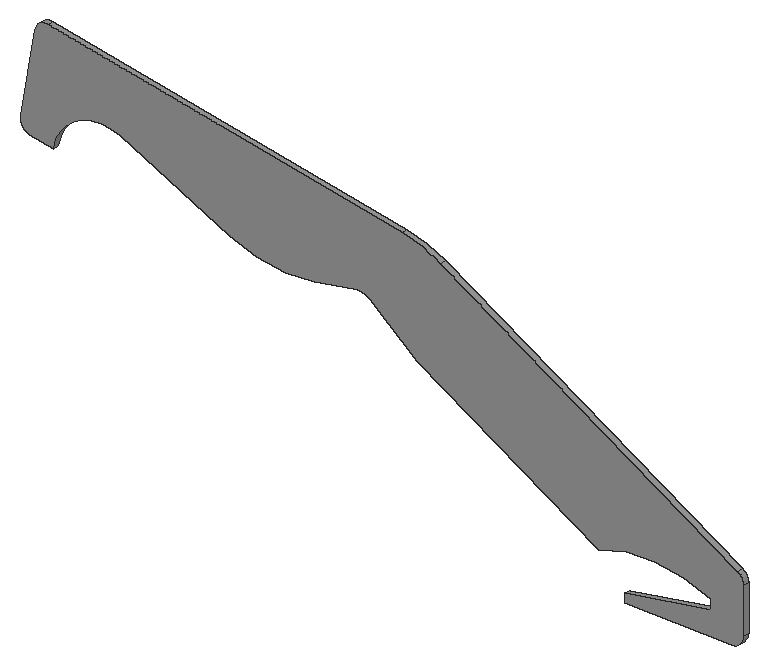
Revit family "SPPN", category 機械設備, Revit 2020
Family settings
  丸型コネクタ寸法 = 直径を使用
  パーツ タイプ = 標準
  OmniClass 番号 = 23.75.00.00
  OmniClass タイトル = Climate Control (HVAC)
  作業面ベース = いいえ
  常に垂直 = はい
  ロード時にボイドで切り取り = いいえ
  共有 = いいえ
  部屋計算ポイント = いいえ
Parameters
  ｽﾍﾟｰｻｰぱっちん ﾏﾃﾘｱﾙ = SPHC酸洗材
  既定の高さ = 0 mm
Reference planes
  plane 1 "中心(正面/背面)": y = 0
  plane 2: z = 0
  plane 3 "中心(左/右)": x = 0
Forms (mm)
  Extrusion 1, solid, material "SPHC酸洗材" <- "ｽﾍﾟｰｻｰぱっちん ﾏﾃﾘｱﾙ"
    sketch origin (0, 0, 0) x (1, 0, 0) y (0, 0, 1)
      loop
        line (11.5, 18.427) -> (-113.406, 90.541)
        arc (-113.406, 90.541) -> (-121.305, 94.225) -> (-129.723, 96.481) r 50
        line (-129.723, 96.481) -> (-278.567, 122.726)
        arc (-278.567, 122.726) -> (-282.303, 121.897) -> (-284.359, 118.67) r 5
        line (-284.359, 118.67) -> (-290.437, 84.202)
        arc (-290.437, 84.202) -> (-289.608, 80.465) -> (-286.381, 78.409) r 5
        line (-286.381, 78.409) -> (-276.533, 76.673)
        arc (-276.533, 76.673) -> (-266.072, 90.94) -> (-248.384, 91.326) r 20
        line (-248.384, 91.326) -> (-202.468, 69.915)
        arc (-202.468, 69.915) -> (-184.943, 64.807) -> (-166.692, 65.205) r 60
        line (-166.692, 65.205) -> (-150.328, 68.09)
        arc (-150.328, 68.09) -> (-146.004, 67.902) -> (-142.164, 65.903) r 10
        line (-142.164, 65.903) -> (-123.269, 50.048) -> (-47.123, 6.085)
        arc (-47.123, 6.085) -> (-23.348, 9.867) -> (0, 4) r 60
        line (0, 4) -> (0, 0) -> (-36, -6.422) -> (-36, -10.074) -> (9, -10.074)
        arc (9, -10.074) -> (12.536, -8.61) -> (14, -5.074) r 5
        line (14, -5.074) -> (14, 14.097)
        arc (14, 14.097) -> (13.33, 16.597) -> (11.5, 18.427) r 5
    from 1.15 to -1.15
Dimensions and locks
  aligned and locked: level to plane 2
